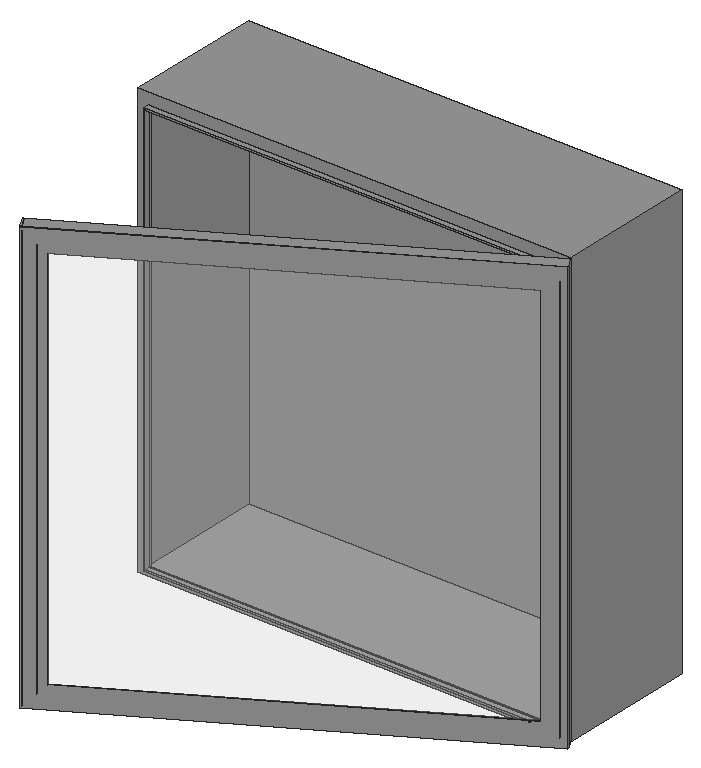
Revit family "Hager-Orion_Inox-IP66-D210-Cl.I-Inox_encl-630A-600mm-NoHosted-CH-fr", category Equipement électrique, Revit 2020
Family settings
  Configuration du panneau = Deux colonnes, circuits au sein
  Cote de connecteur circulaire = Utiliser le diamètre
  Type d'élément = Tableau de raccordement
  Basée sur le plan de construction = Oui
  Toujours verticalement = Oui
  Couper avec des vides une fois chargée = Non
  Partagée = Non
  Point de calcul de pièce = Non
Parameters (values of type "saillie IP66 L600 H600 P210  - FL028TWL")
  Width Control [instance] = if([EF000008 - largeur] > Min Width, [EF000008 - largeur], Min Width)  # 600 mm
  Commentaires du type = [HG000003 - Gamme]  # "Orion Inox"
  Thickness Door [instance] = if([EF009171 - épaisseur de matériau de la porte/du couvercle] > 3 mm, 3 mm, [EF009171 - épaisseur de matériau de la porte/du couvercle])  # 1.5 mm
  Seal Frame Offset [instance] = 17 mm  # constant formula
  Min Width [instance] = 100 mm  # constant formula
  Min Depth [instance] = (2 * [EF009170 - épaisseur de matériau du boîtier]) + 1 mm  # 4 mm
  Min Height [instance] = 100 mm  # constant formula
  Internal Frame Depth [instance] = -(Door System Depth * 0.5)  # -9 mm
  Panel Name [instance] = ""  # (empty or 0)
  Model = ""
  HG000027 - Hauteur du socle = 0 mm
  HG000026 - Installation au sol = no
  HG000024 - Hauteur de la section basse = 600 mm
  HG000023 - Armoire double section = no
  HG000016 - Visibilité de la porte 3D [instance] = yes
  HG000015 - Visibilité de l'emprise de la porte [instance] = no
  HG000014 - Porte à droite [instance] = yes
  HG000013 - Porte à gauche [instance] = not([HG000014 - Porte à droite])  # no
  HG000012 - Angle de pivotement de la porte [instance] = 30.00°
  HG000010 - Portes asymétriques = no
  HG000009 - Porte à double battant = no
  HG000006 - Encastré = no
  HG000004 - Référence fabricant = "FL028TWL"
  HG000003 - Gamme = "Orion Inox"
  HG000002 - avec porte = yes
  Frame Offset Bottom [instance] = 10 mm  # constant formula
  Frame Offset [instance] = 15 mm  # constant formula
  EF015940 - couvercle avec décharge de pression = no
  EF011959 - degré de protection (NEMA) = ""
  EF009554 - nombre d'ouvertures pour plaques à bride = 0
  EF009212 - finition du couvercle = "EV000116 - fermé"
  EF009171 - épaisseur de matériau de la porte/du couvercle = 1.5 mm
  EF009170 - épaisseur de matériau du boîtier = 1.5 mm
  EF008873 - courant nominal (In) = 630 A
  EF007800 - adapté à un parafoudre = no
  EF006306 - avec serrure = yes
  EF006244 - couvercle/porte transparent(e) = yes
  EF005474 - indice de protection (IP) = "EV006422 - IP66"
  EF004464 - type de porte = "EV002646 - unique"
  EF004427 - nombre de modules = 0
  EF004293 - indice de protection contre les chocs (IK) = "EV006814 - IK08"
  EF003532 - convient pour utilisation à l’extérieur = yes
  EF002950 - largeur en nombre de modules = 0
  EF001613 - maintien de fonction = "EV000494 - sans"
  EF001596 - matériau du boîtier/corps = "EV000166 - acier inoxydable"
  EF001131 - profondeur intérieure = 176 mm
  EF001088 - possibilité de montage en saillie = yes
  EF000437 - nombre d'entrées de conduit = 0
  EF000339 - type de capot = "EV004216 - porte"
  EF000266 - nombre de rangées = 0
  EF000218 - profondeur d'encastrement = 0 mm
  EF000118 - avec cadre/support de montage = no
  EF000116 - numéro RAL = ""
  EF000049 - profondeur = 210 mm
  EF000040 - hauteur = 600 mm
  EF000008 - largeur = 600 mm
  EF000007 - couleur = "EV000154 - autre"
  EF000003 - mode de pose = "EV000384 - saillie"
  Door System Leaf Tolerance [instance] = 1.5 mm  # constant formula
  Door System Depth [instance] = 18 mm  # constant formula
  Description = ""
  Default Elevation = 1219.2 mm
  Connector Offset [instance] = Height Control / 2  # 300 mm
  Fabricant = "Hager"  # constant formula
  Height Control [instance] = if([EF000040 - hauteur] > Min Height, [EF000040 - hauteur], Min Height)  # 600 mm
  Depth Control [instance] = if([EF000049 - profondeur] > Min Depth, [EF000049 - profondeur], Min Depth)  # 210 mm
Types (12, lengths in mm): name | Width Control | HG000004 - Référence fabricant | EF009212 - finition du couvercle | EF006306 - avec serrure | EF006244 - couvercle/porte transparent(e) | EF004293 - indice de protection contre les chocs (IK) | EF001613 - maintien de fonction | EF000008 - largeur
  saillie IP66 L400 H600 P210  - FL025BWL | 400 | "FL025BWL" | "EV009916 - avec échancrure" | no | no | "EV008784 - IK10" | "" | 400
  saillie IP66 L400 H600 P210  - FL025TW | 400 | "FL025TW" | "EV000116 - fermé" | yes | yes | "EV006814 - IK08" | "EV000494 - sans" | 400
  saillie IP66 L400 H600 P210  - FL025TWL | 400 | "FL025TWL" | "EV000116 - fermé" | yes | yes | "EV006814 - IK08" | "EV000494 - sans" | 400
  saillie IP66 L500 H600 P210  - FL027BW | 500 | "FL027BW" | "EV000116 - fermé" | yes | no | "EV008784 - IK10" | "EV000494 - sans" | 500
  saillie IP66 L500 H600 P210  - FL027BWL | 500 | "FL027BWL" | "EV000116 - fermé" | yes | no | "EV008784 - IK10" | "EV000494 - sans" | 500
  saillie IP66 L500 H600 P210  - FL027TW | 500 | "FL027TW" | "EV000116 - fermé" | yes | yes | "EV006814 - IK08" | "EV000494 - sans" | 500
  saillie IP66 L500 H600 P210  - FL027TWL | 500 | "FL027TWL" | "EV000116 - fermé" | yes | yes | "EV006814 - IK08" | "EV000494 - sans" | 500
  saillie IP66 L600 H600 P210  - FL025BW | 600 | "FL025BW" | "EV009916 - avec échancrure" | no | no | "EV008784 - IK10" | "" | 600
  saillie IP66 L600 H600 P210  - FL028BW | 600 | "FL028BW" | "EV000116 - fermé" | yes | no | "EV008784 - IK10" | "EV000494 - sans" | 600
  saillie IP66 L600 H600 P210  - FL028BWL | 600 | "FL028BWL" | "EV000116 - fermé" | yes | no | "EV008784 - IK10" | "EV000494 - sans" | 600
  saillie IP66 L600 H600 P210  - FL028TW | 600 | "FL028TW" | "EV000116 - fermé" | yes | yes | "EV006814 - IK08" | "EV000494 - sans" | 600
  saillie IP66 L600 H600 P210  - FL028TWL | 600 | "FL028TWL" | "EV000116 - fermé" | yes | yes | "EV006814 - IK08" | "EV000494 - sans" | 600
Reference planes
  plane 1 "Center (Front/Back)": y = 0
  plane 2: z = 0
  plane 3 "Center (Left/Right)": x = 0
  plane 4: y = 0
  plane 5: y = 0
  plane 6: z = 0
  plane 7: x = -300
  plane 8: x = 300
  plane 9: x = 298.5
  plane 10: x = -298.5
  plane 11: z = 0
  plane 12: z = 1.5
  plane 13: y = -210
  plane 14: y = -1.5
  plane 15: x = 0
  plane 16: y = -192
  plane 17: y = -208.5
  plane 18: y = -190.5
  plane 19: x = -283.5
  plane 20: x = 283.5
  plane 21: z = 11.5
  plane 22: x = -283
  plane 23: x = 283
  plane 24: z = 0
  plane 25: z = 600
  plane 26: z = 600
  plane 27: z = 583.5
  plane 28: z = 598.5
Forms (mm)
  Extrusion 1, solid, material "Hager_Stainless_Steel", detail levels medium+fine
    sketch origin (-208.679, -4572, 0) x (-1, 0, 0) y (0, -1, 0)
      loop
        line (91.321, -4380) -> (-508.679, -4380) -> (-508.679, -4572) -> (91.321, -4572) -> (91.321, -4380)
    from 0 to 600
  Extrusion 2, void
    sketch origin (-350.771, -210, 1219.2) x (1, 0, 0) y (0, 0, 1)
      loop
        line (52.271, -620.7) -> (52.271, -1217.7) -> (649.271, -1217.7) -> (649.271, -620.7) -> (52.271, -620.7)
    from -19.5 to -208.5
  Extrusion 3, void
    sketch origin (-290.084, -192, 1219.2) x (1, 0, 0) y (0, 0, 1)
      loop
        line (6.584, -1207.7) -> (573.584, -1207.7) -> (573.584, -635.7) -> (6.584, -635.7) -> (6.584, -1207.7)
    from 0 to -1.5
  Extrusion 4, solid, material "Hager_Stainless_Steel", detail levels fine
    sketch origin (-290.084, -192, 1219.2) x (-1, 0, 0) y (0, 0, 1)
      loop
        line (-573.584, -1207.7) -> (-6.584, -1207.7) -> (-6.584, -635.7) -> (-573.584, -635.7) -> (-573.584, -1207.7)
      loop
        line (-575.084, -1209.2) -> (-5.084, -1209.2) -> (-5.084, -634.2) -> (-575.084, -634.2) -> (-575.084, -1209.2)
    from 0 to -9 <- "Internal Frame Depth"
  Extrusion 5, solid, material "Hager_Stainless_Steel", detail levels coarse
    sketch origin (0, 0, 0) x (1, 0, 0) y (0, 1, 0)
      loop
        line (-300, 0) -> (-300, -210) -> (300, -210) -> (300, 0) -> (-300, 0)
    from 0 to 600 <- "Height Control"
Cuts and joins
  Extrusion 2, Extrusion 3 cuts Extrusion 1
Lines and regions (mm)
  Masking region 1
    outline origin (0, 0, 0) x (1, 0, 0) y (0, 1, 0)
      loop
        line (-300, 0) -> (-300, -210) -> (300, -210) -> (300, 0) -> (-300, 0)
  Masking region 2
    outline origin (-290.084, -192, 1219.2) x (-1, 0, 0) y (0, 0, 1)
      loop
        line (-590.084, -1219.2) -> (9.916, -1219.2) -> (9.916, -619.2) -> (-590.084, -619.2) -> (-590.084, -1219.2)
  Masking region 3, detail levels coarse
    outline origin (0, 0, 0) x (0, 1, 0) y (0, 0, 1)
      loop
        line (0, 0) -> (0, 600) -> (-210, 600) -> (-210, 0) -> (0, 0)
  Masking region 4, detail levels medium+fine
    outline origin (0, 0, 594.038) x (0, 1, 0) y (0, 0, 1)
      loop
        line (0, -594.038) -> (0, 5.962) -> (-192, 5.962) -> (-192, -594.038) -> (0, -594.038)
Dimensions and locks
  locked: plane 1 "Center (Front/Back)" to plane 5
  "EF009170 - épaisseur de matériau du boîtier": plane 7 to plane 10
  "EF009170 - épaisseur de matériau du boîtier": plane 8 to plane 9
  equal spacing: plane 7, plane 3 "Center (Left/Right)", plane 8
  "Width Control": plane 7 to plane 8
  "Depth Control": plane 4 to plane 13
  "EF009170 - épaisseur de matériau du boîtier": plane 4 to plane 14
  "Height Control": plane 25 to level
  "EF009170 - épaisseur de matériau du boîtier": plane 12 to plane 11
  "EF009170 - épaisseur de matériau du boîtier": plane 17 to plane 13
  "EF009170 - épaisseur de matériau du boîtier": plane 18 to plane 16
  "Frame Offset Bottom": plane 21 to plane 12
  "Frame Offset": plane 10 to plane 19
  "Frame Offset": plane 9 to plane 20
  "Door System Depth": plane 16 to plane 13
  "Seal Frame Offset": plane 7 to plane 22
  "Seal Frame Offset": plane 8 to plane 23
  "EF009170 - épaisseur de matériau du boîtier": plane 26 to plane 28
  "Frame Offset": plane 28 to plane 27
  "Connector Offset": plane 2 to connector elem
  "Thickness Door": cut or joined group of Extrusion 1, Extrusion 2, Extrusion 3 to Extrusion 4 sketch curve
  "Thickness Door": Extrusion 4 sketch curve to plane 19
  "Thickness Door": Extrusion 4 sketch curve to plane 20
  "Thickness Door": Extrusion 4 sketch curve to plane 27
  aligned and locked: Extrusion 2 sketch curve to plane 12
  aligned and locked: Extrusion 2 sketch curve to plane 9
  aligned and locked: Extrusion 2 sketch curve to plane 10
  aligned and locked: plane 14 to Extrusion 2
  aligned and locked: plane 4 to Extrusion 1 sketch curve
  aligned and locked: plane 8 to Extrusion 1 sketch curve
  aligned and locked: plane 7 to Extrusion 1 sketch curve
  aligned and locked: Extrusion 2 to plane 18
  aligned and locked: Extrusion 3 sketch curve to plane 19
  aligned and locked: plane 20 to Extrusion 3 sketch curve
  aligned and locked: Extrusion 3 to Extrusion 2
  aligned and locked: Extrusion 3 sketch curve to plane 21
  aligned and locked: plane 3 "Center (Left/Right)" to nested 1
  aligned and locked: Extrusion 1 sketch curve to plane 16
  aligned and locked: Masking region 1 sketch curve to plane 7
  aligned and locked: Masking region 1 sketch curve to plane 5
  aligned and locked: Masking region 1 sketch curve to plane 8
  aligned and locked: Masking region 2 sketch curve to level
  aligned and locked: level to Masking region 3 sketch curve
  aligned and locked: plane 1 "Center (Front/Back)" to Masking region 3 sketch curve
  aligned and locked: plane 13 to Masking region 3 sketch curve
  aligned and locked: Masking region 2 sketch curve to plane 8
  aligned and locked: Masking region 2 sketch curve to plane 7
  aligned and locked: plane 7 to nested 2
  aligned and locked: nested 2 to plane 5
  aligned and locked: plane 5 to Masking region 4 sketch curve
  aligned and locked: plane 26 to Masking region 4 sketch curve
  aligned and locked: Extrusion 5 sketch curve to plane 8
  aligned and locked: Extrusion 5 sketch curve to plane 7
  aligned and locked: Extrusion 5 sketch curve to plane 5
  aligned and locked: Extrusion 3 sketch curve to plane 27
  aligned and locked: Extrusion 2 sketch curve to plane 28
  aligned and locked: Extrusion 4 sketch curve to plane 27
  aligned and locked: Extrusion 4 sketch curve to plane 20
  aligned and locked: Extrusion 4 sketch curve to plane 21
  aligned and locked: Extrusion 4 sketch curve to plane 19
  aligned and locked: Masking region 2 to plane 25
  aligned and locked: Masking region 4 sketch curve to plane 24
  aligned and locked: Masking region 1 to plane 13
  aligned and locked: nested 1 to plane 16
  aligned and locked: Masking region 3 to plane 25
  aligned and locked: Masking region 4 sketch curve to plane 16
  aligned and locked: plane 24 to plane 11
  aligned and locked: plane 26 to plane 25
  aligned and locked: level to plane 24
  aligned and locked: Extrusion 1 to Masking region 3
  aligned and locked: level to nested 1
Automatic sketch dimensions
  Extrusion 5 sketch curve to plane 13 = 0 mm
  plane 27 to Masking region 2 sketch curve = 16.5 mm
  plane 27 to Masking region 3 sketch curve = 16.5 mm
  Masking region 1 sketch curve to plane 13 = 0 mm
  Extrusion 3 sketch curve to plane 21 = 0 mm
  plane 19 to Extrusion 3 sketch curve = 0 mm
  Extrusion 3 sketch curve to plane 20 = 0 mm
Nested families
  nested 1: "EC000058_OrionInox_Door" at (0, -192, 0), Double <- "HG000009 - Porte à double battant", Transparent <- "EF006244 - couvercle/porte transparent(e)", Angle <- "HG000012 - Angle de pivotement de la porte", Door_Right <- "HG000014 - Porte à droite", Assymetrical <- "HG000010 - Portes asymétriques", Door <- "HG000002 - avec porte", Width_Ctrl <- "Width Control", 3d_Door <- "HG000016 - Visibilité de la porte 3D", Clearance <- "HG000015 - Visibilité de l'emprise de la porte", Door_Left <- "HG000013 - Porte à gauche", Width <- "Width Control", Door_Depth <- "Door System Depth", Leaf_Tolerance <- "Door System Leaf Tolerance", Height <- "Height Control", Thickness <- "Thickness Door", type "EC000058_OrionInox_Door", detail levels medium+fine
    with min_wh 4 mm, Width_Ctrl 600 mm, Width 600 mm, Transparent yes, Thickness 1.5 mm, Seal_Material Hager_Rubber, Leaf_Width 600 mm, Leaf_Tolerance_External_Sides 0 mm, Leaf_Tolerance 1.5 mm, Leaf_Offset 0 mm, Leaf_Height 597 mm, Leaf_2_Width 600 mm, Leaf_2_Offset 300 mm, Leaf_1_Width 600 mm, Leaf_1_Offset 300 mm, Height_Ctrl 600 mm, Height 600 mm, Glass_Material Hager_Glass, Double_Clearance_Ctrl no, Double no, Door_Right_Ctrl yes, Door_Right yes, Door_Material Hager_Stainless_Steel, Door_Left_Ctrl no, Door_Left no, Door_Depth 18 mm, Door yes, Clearance_Material Hager_Clearance, Clearance_Depth 600 mm, Clearance_Ctrl no, Clearance no, Assymetrical no, Angle 30.00°, 3d_Door yes
  nested 2: "Hager_Enclosure_Symbol" at (-300, 0, 0), Height <- "Depth Control", Width <- "Width Control", type "Hager_Enclosure_Symbol"
    with Width_Ctrl 600 mm, Width 600 mm, Height_Ctrl 210 mm, Height 210 mm, A_Width_Int 13.781 mm, A_Width 165.375 mm, A_Height_Ctrl 183.75 mm, A_Height 183.75 mm
Connectors
  electrical at (0, 0, 300)
    settings: on plane 1 "Center (Front/Back)", index 1, voltage 0 V, apparent load 0 VA, apparent load phase1 0 VA, apparent load phase2 0 VA, apparent load phase3 0 VA, power factor 1, load classification "Other", number of poles 1, system type 30, power factor state 1, is connector primary yes, connector utility no, sub classification motor no, connector description ""
Definition of nested family "EC000058_OrionInox_Door"
  Parameters (values of type "EC000058_OrionInox_Door")
    min_wh [instance] = (2 * Thickness) + 1 mm  # 11 mm
    Width_Ctrl [instance] = 400 mm
    Width [instance] = 500 mm
    Transparent [instance] = yes
    Thickness [instance] = 5 mm
    Seal_Material [instance] = none
    Leaf_Width [instance] = if((Width_Ctrl - 2 * Leaf_Tolerance_External_Sides) > 0 mm, (Width_Ctrl - 2 * Leaf_Tolerance_External_Sides), min_wh)  # 400 mm
    Leaf_Tolerance_External_Sides [instance] = 0 mm  # constant formula
    Leaf_Tolerance [instance] = 1.5 mm
    Leaf_Offset [instance] = 0 mm  # constant formula
    Leaf_Height [instance] = if((Height_Ctrl - 2 * Leaf_Tolerance) > 0 mm, (Height_Ctrl - 2 * Leaf_Tolerance), min_wh)  # 497 mm
    Leaf_2_Width [instance] = if(and(and(Double, Assymetrical), Door_Left), (Leaf_Width / 3) - (Leaf_Tolerance / 2), if(and(and(Double, Assymetrical), Door_Right), (Leaf_Width / 3) * 2 - (Leaf_Tolerance / 2), if(and(Double, not(Assymetrical)), (Leaf_Width / 2) - Leaf_Tolerance, Leaf_Width)))  # 400 mm
    Leaf_2_Offset [instance] = if(and(Double, Assymetrical), Leaf_2_Width / 2, if(and(Double, not(Assymetrical)), Leaf_Width / 4, Leaf_Width / 2))  # 200 mm
    Leaf_1_Width [instance] = if(and(and(Double, Assymetrical), Door_Right), (Leaf_Width / 3) - (Leaf_Tolerance / 2), if(and(and(Double, Assymetrical), Door_Left), (Width / 3) * 2 - (Leaf_Tolerance / 2), if(and(Double, not(Assymetrical)), (Leaf_Width / 2) - Leaf_Tolerance, Leaf_Width)))  # 400 mm
    Leaf_1_Offset [instance] = if(and(Double, Assymetrical), Leaf_1_Width / 2, if(and(Double, not(Assymetrical)), Leaf_Width / 4, Leaf_Width / 2))  # 200 mm
    Height_Ctrl [instance] = if(Height > min_wh, Height, min_wh)  # 500 mm
    Height [instance] = 500 mm
    Glass_Material [instance] = none
    Double_Clearance_Ctrl [instance] = and(Double, Clearance)  # no
    Double [instance] = no
    Door_Right_Ctrl [instance] = and(or(Door_Right, Double), Door)  # yes
    Door_Right [instance] = yes
    Door_Material [instance] = none
    Door_Left_Ctrl [instance] = and(or(Door_Left, Double), Door)  # no
    Door_Left [instance] = no
    Door_Depth [instance] = 30 mm
    Door [instance] = yes
    Default Elevation = 1219.2 mm
    Clearance_Material [instance] = none
    Clearance_Depth [instance] = if(Leaf_1_Width > Leaf_2_Width, Leaf_1_Width, Leaf_2_Width)  # 400 mm
    Clearance_Ctrl [instance] = and(not(Double), Clearance)  # yes
    Clearance [instance] = yes
    Assymetrical [instance] = yes
    Angle [instance] = 30.00°
    3d_Door [instance] = yes
  Reference planes
    plane 1 "Center (Front/Back)": y = 0
    plane 2 "Bottom": z = 0
    plane 3 "Center (Left/Right)": x = 0
    plane 4: z = 500
    plane 5: x = -200
    plane 6: x = 200
    plane 7: z = 500
    plane 8: x = -200
    plane 9: z = 0
    plane 10: x = 200
    plane 11: y = 0
    plane 12: z = 1.5
    plane 13: x = -600
    plane 14: y = -400
    plane 15: x = 600
    plane 16: x = 0
    plane 17: x = 0
    plane 18: x = -200
    plane 19: x = 200
    plane 20: z = 498.5
  Forms (mm)
    Extrusion 1, solid, material <- "Clearance_Material", visible <- "Double_Clearance_Ctrl"
      sketch origin (1200, 0, 0) x (1, 0, 0) y (0, 0, -1)
        loop
          line (-1800, -498.5) -> (-600, -498.5) -> (-600, 0) -> (-1800, 0) -> (-1800, -498.5)
      from 0 to -400
  Dimensions and locks
    equal spacing: plane 5, plane 3 "Center (Left/Right)", plane 6
    "Width_Ctrl": plane 5 to plane 6
    "Leaf_Offset": plane 5 to plane 8
    "Leaf_Offset": plane 6 to plane 10
    "Leaf_Offset": plane 9 to level
    "Leaf_Offset": plane 4 to plane 7
    "Height_Ctrl": plane 4 to level
    "Leaf_Tolerance": plane 12 to plane 9
    locked: plane 11 to plane 1 "Center (Front/Back)"
    "Leaf_1_Offset": plane 18 to plane 16
    "Leaf_2_Offset": plane 17 to plane 19
    "Leaf_1_Width": plane 13 to plane 8
    "Leaf_2_Width": plane 10 to plane 15
    "Clearance_Depth": plane 14 to plane 1 "Center (Front/Back)"
    "Leaf_Tolerance_External_Sides": plane 8 to plane 18
    "Leaf_Tolerance_External_Sides": plane 19 to plane 10
    "Leaf_Tolerance": plane 7 to plane 20
    aligned and locked: level to plane 2 "Bottom"
    aligned and locked: nested 1 to plane 16
    aligned and locked: nested 2 to plane 17
    aligned and locked: Extrusion 1 to plane 13
    aligned and locked: plane 15 to Extrusion 1
    aligned and locked: Extrusion 1 to plane 14
    aligned and locked: plane 12 to nested 1
    aligned and locked: nested 2 to plane 12
    aligned and locked: Extrusion 1 to plane 11
    aligned and locked: plane 20 to Extrusion 1
    aligned and locked: nested 2 to plane 11
    aligned and locked: nested 1 to plane 11
  Automatic sketch dimensions
    Extrusion 1 sketch curve to level = 0 mm
    plane 5 to Extrusion 1 sketch curve = 400 mm
    plane 6 to Extrusion 1 sketch curve = 400 mm
    Extrusion 1 sketch curve to plane 4 = 1.5 mm
  Nested families
    nested 1: "EC000058_OrionInox_Door_Leaf" at (0, 0, 1.5), Width <- "Leaf_1_Width", visible <- "Door_Left_Ctrl", Leaf_Height <- "Leaf_Height", Angle <- "Angle", 3d_Door <- "3d_Door", Transparent <- "Transparent", Clearance Material <- "Clearance_Material", Clearance <- "Clearance_Ctrl", Door_Material <- "Door_Material", Glass_Material <- "Glass_Material", Door_Depth <- "Door_Depth", Seal_Material <- "Seal_Material", Thickness <- "Thickness", type "EC000058_OrionInox_Door_Leaf"
      with Width 400 mm, Transparent_Ctrl yes, Transparent yes, Thickness 5 mm, Standard no, Seal_Material none, Seal_D2 8 mm, Seal_D1 1 mm, Offset_Internal_Frame 10 mm, Lock_Width 28 mm, Lock_Thickness 2 mm, Lock_Radius 6 mm, Leaf_Height 497 mm, Internal_Seal_Thickness 8 mm, Internal_Seal_Depth_2 4.5 mm, Internal_Frame_Depth 25 mm, Glass_Thickness -1 mm, Glass_Offset -2 mm, Glass_Material none, Door_Material none, Door_Depth 30 mm, Clearance Material none, Clearance yes, Angle_Ctrl 30.00°, Angle 30.00°, 3d_Door yes
    nested 2: "EC000058_OrionInox_Door_Leaf" at (0, 0, 1.5) x (-1, 0, 0) z (0, 0, 1), Width <- "Leaf_2_Width", visible <- "Door_Right_Ctrl", Leaf_Height <- "Leaf_Height", Angle <- "Angle", 3d_Door <- "3d_Door", Transparent <- "Transparent", Clearance Material <- "Clearance_Material", Clearance <- "Clearance_Ctrl", Door_Material <- "Door_Material", Glass_Material <- "Glass_Material", Door_Depth <- "Door_Depth", Seal_Material <- "Seal_Material", Thickness <- "Thickness", type "EC000058_OrionInox_Door_Leaf"
      with Width 400 mm, Transparent_Ctrl yes, Transparent yes, Thickness 5 mm, Standard no, Seal_Material none, Seal_D2 8 mm, Seal_D1 1 mm, Offset_Internal_Frame 10 mm, Lock_Width 28 mm, Lock_Thickness 2 mm, Lock_Radius 6 mm, Leaf_Height 497 mm, Internal_Seal_Thickness 8 mm, Internal_Seal_Depth_2 4.5 mm, Internal_Frame_Depth 25 mm, Glass_Thickness -1 mm, Glass_Offset -2 mm, Glass_Material none, Door_Material none, Door_Depth 30 mm, Clearance Material none, Clearance yes, Angle_Ctrl 30.00°, Angle 30.00°, 3d_Door yes
  Definition of nested family "EC000058_OrionInox_Door_Leaf"
    Parameters (values of type "EC000058_OrionInox_Door_Leaf")
      Width [instance] = 450 mm
      Transparent_Ctrl [instance] = and(Transparent, [3d_Door])  # yes
      Transparent [instance] = yes
      Thickness [instance] = 5 mm
      Standard [instance] = and(not(Transparent), [3d_Door])  # no
      Seal_Material [instance] = none
      Seal_D2 [instance] = 8 mm  # constant formula
      Seal_D1 [instance] = 1 mm  # constant formula
      Offset_Internal_Frame [instance] = 10 mm  # constant formula
      Lock_Width [instance] = Door_Depth - Lock_Thickness  # 28 mm
      Lock_Thickness [instance] = 2 mm  # constant formula
      Lock_Radius [instance] = 6 mm  # constant formula
      Leaf_Height [instance] = 450 mm
      Internal_Seal_Thickness [instance] = 8 mm  # constant formula
      Internal_Seal_Depth_2 [instance] = 4.5 mm  # constant formula
      Internal_Frame_Depth [instance] = if(Door_Depth - Thickness > 5 mm, Door_Depth - Thickness, 5 mm)  # 25 mm
      Glass_Thickness [instance] = if(Thickness > 15 mm, Glass_Offset + 10 mm, -1 mm)  # -1 mm
      Glass_Offset [instance] = if(Thickness > 15 mm, -(Thickness + 10 mm) / 2, -2 mm)  # -2 mm
      Glass_Material [instance] = none
      Door_Material [instance] = none
      Door_Depth [instance] = 30 mm
      Default Elevation = 0 mm
      Clearance Material [instance] = none
      Clearance [instance] = yes
      Angle_Ctrl [instance] = if(Angle > 180.00°, 180.00°, Angle)  # 90.00°
      Angle [instance] = 90.00°
      3d_Door [instance] = yes
    Reference planes
      plane 1 "Center (Front/Back)": y = 0
      plane 2: z = 0
      plane 3 "Center (Left/Right)": x = 0
      plane 4: y = 450
      plane 5: x = -225
      plane 6: x = 225
      plane 7: x = -675
      plane 8: z = 450
      plane 9: z = 30
      plane 10: z = 420
      plane 11: x = 195
      plane 12: x = -195
      plane 13: y = -3
      plane 14: z = 107.833
      plane 15: y = -5
      plane 16: y = -223.314
      plane 17: x = -225
      plane 18: y = 30
    Forms (mm)
      Extrusion 1, solid, material <- "Clearance Material", visible <- "Clearance"
        sketch origin (0, 0, 0) x (1, 0, 0) y (0, 0, 1)
          loop
            line (-675, 450) -> (-675, 0) -> (225, 0) -> (225, 450) -> (-675, 450)
        from 0 to -450
      Extrusion 2, solid, material <- "Door_Material", visible <- "Standard", detail levels medium+fine
        sketch origin (-225, 0, 0) x (0, 1, 0) y (-1, 0, 0)
          loop
            line (0, 30) -> (0, 25) -> (450, 25) -> (450, 30) -> (0, 30)
        from 0 to 450 <- "Leaf_Height"
      Extrusion 3, solid, material <- "Door_Material", visible <- "Transparent_Ctrl", detail levels medium+fine
        sketch origin (-225, 0, 0) x (0, 1, 0) y (-1, 0, 0)
          loop
            line (0, 25) -> (450, 25) -> (450, 30) -> (0, 30) -> (0, 25)
        from 0 to 450 <- "Leaf_Height"
      Extrusion 4, void
        sketch origin (-250, 450, 0) x (0, 1, 0) y (0, 0, -1)
          loop
            line (-30, -420) -> (-30, -30) -> (-420, -30) -> (-420, -420) -> (-30, -420)
        from 0 to 5 <- "Thickness"
      Sweep 5, solid, material <- "Seal_Material", visible <- "Transparent_Ctrl", detail levels fine
        path in 3D
          loop
            line (-250, 30, 30) -> (-250, 30, 420) -> (-250, 420, 420) -> (-250, 420, 30) -> (-250, 30, 30)
        profile origin (-250, 225, 30) x (1, 0, 0) y (0, 0, 1)
          loop
            line (0, 0) -> (0, -8) -> (1, -8) -> (1, 0) -> (0, 0)
      Extrusion 6, solid, material <- "Glass_Material", visible <- "Transparent_Ctrl", detail levels medium+fine
        sketch origin (-255, 0, 0) x (0, 1, 0) y (0, 0, -1)
          loop
            line (420, -420) -> (420, -30) -> (30, -30) -> (30, -420) -> (420, -420)
        from -2 <- "Glass_Offset" to -1 <- "Glass_Thickness"
      Extrusion 7, solid, material <- "Door_Material", visible <- "3d_Door", detail levels medium+fine
        sketch origin (-250, 450, 0) x (0, -1, 0) y (0, 0, -1)
          loop
            line (0, -450) -> (450, -450) -> (450, 0) -> (0, 0) -> (0, -450)
          loop
            line (445, -5) -> (5, -5) -> (5, -445) -> (445, -445) -> (445, -5)
        from 0 to 25 <- "Internal_Frame_Depth"
      Sweep 8, solid, material <- "Seal_Material", visible <- "Transparent_Ctrl", detail levels fine
        path in 3D
          loop
            line (-250, 0, 0) -> (-250, 450, 0) -> (-250, 450, 450) -> (-250, 0, 450) -> (-250, 0, 0)
        profile origin (-250, 0, 225) x (1, 0, 0) y (0, 1, 0)
          loop
            line (0, 10) -> (2.975, 10)
            arc (2.975, 10) -> (4.053, 10.447) -> (4.5, 11.525) r 1.525
            line (4.5, 11.525) -> (4.5, 16.527)
            arc (4.5, 16.527) -> (4.069, 17.569) -> (3.027, 18) r 1.473
            line (3.027, 18) -> (0, 18) -> (0, 10)
    Cuts and joins
      Extrusion 4 cuts Extrusion 3
    Lines and regions (mm)
      Masking region 1, detail levels medium+fine
        outline origin (0, 0, 0) x (0, 1, 0) y (0, 0, 1)
          loop
            line (0, 0) -> (30, 0) -> (30, 450) -> (0, 450) -> (0, 0)
      Masking region 2, detail levels medium+fine
        outline origin (0, 0, 0) x (1, 0, 0) y (0, 0, 1)
          loop
            line (-225, 450) -> (-225, 0) -> (225, 0) -> (225, 450) -> (-225, 450)
      symbolic lines
        curve 1: line (225, 0, 0) -> (-675, 0, 0)
        curve 2: arc (225, 0, 0) -> (-225, 450, 0) -> (-675, 0, 0) r 450
        curve 4: line (-255, 0, 0) -> (-255, 450, 0)
      reference lines
        curve 3: line (-225, 0, 0) -> (-225, 450, 0)
      symbolic lines, detail levels medium+fine
        curve 5: line (-255, 450, 0) -> (-250, 450, 0)
        curve 7: line (-250, 0, 0) -> (-255, 0, 0)
        curve 8: line (-250, 0, 0) -> (-225, 0, 0)
        curve 9: line (-225, 0, 0) -> (-225, 450, 0)
        curve 10: line (-225, 450, 0) -> (-250, 450, 0)
      symbolic lines, detail levels fine
        curve 6: line (-250, 450, 0) -> (-250, 0, 0)
      sketch lines
        curve 11: line (-250, 0, 450) -> (-250, 0, 0)
        curve 12: line (-250, 450, 0) -> (-250, 0, 0)
        curve 13: line (-250, 450, 450) -> (-250, 450, 0)
        curve 14: line (-250, 0, 450) -> (-250, 450, 450)
        curve 15: line (-250, 420, 30) -> (-250, 30, 30)
        curve 16: line (-250, 30, 30) -> (-250, 30, 420)
        curve 17: line (-250, 420, 420) -> (-250, 420, 30)
        curve 18: line (-250, 30, 420) -> (-250, 420, 420)
      symbolic lines, visible <- "Transparent", detail levels medium+fine
        curve 19: line (-195, 0, 420) -> (195, 0, 420)
        curve 20: line (-195, 0, 30) -> (-195, 0, 420)
        curve 21: line (195, 0, 30) -> (-195, 0, 30)
        curve 22: line (195, 0, 420) -> (195, 0, 30)
    Dimensions and locks
      "Width": plane 1 "Center (Front/Back)" to plane 4
      equal spacing: plane 5, plane 3 "Center (Left/Right)", plane 6
      "Width": plane 5 to plane 6
      "Width": plane 7 to plane 5
      "Leaf_Height": plane 8 to level
      "Width": curve 5 to curve 3
      "Width": curve 3 to curve 3
      plane 8 to plane 10 = 30 mm
      plane 9 to level = 30 mm
      plane 12 to plane 5 = 30 mm
      plane 6 to plane 11 = 30 mm
      Extrusion 4 sketch curve to Extrusion 3 = 30 mm
      Extrusion 3 to Extrusion 4 sketch curve = 30 mm
      Extrusion 1 to Extrusion 4 sketch curve = 30 mm
      curve 3 to Extrusion 4 sketch curve = 30 mm
      Extrusion 4 sketch curve to cut or joined group of Extrusion 3, Extrusion 4 = 30 mm
      cut or joined group of Extrusion 3, Extrusion 4 to Extrusion 6 sketch curve = 30 mm
      cut or joined group of Extrusion 3, Extrusion 4 to Extrusion 4 sketch curve = 30 mm
      "Thickness": curve 6 to curve 4
      "Thickness": Extrusion 7 sketch curve to Extrusion 7 sketch curve  (x4)
      "Door_Depth": curve 4 to curve 3
      "Offset_Internal_Frame": profile plane to Sweep 8 sketch curve
      "Internal_Seal_Thickness": Sweep 8 sketch curve to Sweep 8 sketch curve
      "Internal_Seal_Depth_2": profile plane to Sweep 8 sketch curve
      "Seal_D1": profile plane to Sweep 5 sketch curve
      "Seal_D2": profile plane to Sweep 5 sketch curve
      "Thickness": Extrusion 2 sketch curve to Extrusion 2 sketch curve
      "Door_Depth": plane 18 to plane 1 "Center (Front/Back)"
      radius of Sweep 8 sketch curve = 1.525 mm
      radius of Sweep 8 sketch curve = 1.473 mm
      "Angle_Ctrl": angle plane 1 "Center (Front/Back)" to curve 3
      aligned and locked: level to plane 2
      aligned and locked: Extrusion 1 to curve 1
      aligned and locked: plane 6 to Extrusion 1
      aligned and locked: plane 1 "Center (Front/Back)" to Extrusion 1
      aligned and locked: plane 4 to Extrusion 1
      aligned and locked: plane 8 to Extrusion 1
      aligned and locked: curve 7 to Extrusion 2 sketch curve
      aligned and locked: curve 5 to Extrusion 2 sketch curve
      aligned and locked: curve 7 to Extrusion 3 sketch curve
      aligned and locked: Extrusion 3 sketch curve to curve 4
      aligned and locked: Extrusion 3 sketch curve to curve 6
      aligned and locked: Extrusion 3 sketch curve to curve 5
      aligned and locked: curve 9 to curve 3
      aligned and locked: Extrusion 7 sketch curve to cut or joined group of Extrusion 3, Extrusion 4  (x4)
      aligned and locked: plane 17 to curve 3
      aligned and locked: plane 1 "Center (Front/Back)" to curve 3
      aligned and locked: plane 17 to plane 5
      aligned and locked: Sweep 8 sketch curve to profile plane
      aligned and locked: Sweep 5 sketch curve to profile plane  (x2)
      aligned and locked: plane 1 "Center (Front/Back)" to Masking region 1 sketch curve
      aligned and locked: plane 18 to Masking region 1 sketch curve
      aligned and locked: level to Masking region 1 sketch curve
      aligned and locked: Masking region 1 sketch curve to plane 8
      aligned and locked: plane 17 to Masking region 2 sketch curve
      aligned and locked: level to Masking region 2 sketch curve
      aligned and locked: Masking region 2 sketch curve to plane 8
      aligned and locked: plane 12 to curve 20
      aligned and locked: plane 10 to curve 19
      aligned and locked: plane 11 to curve 22
      aligned and locked: plane 9 to curve 21
      aligned and locked: Extrusion 2 sketch curve to cut or joined group of Extrusion 3, Extrusion 4
    Automatic sketch dimensions
      plane 1 "Center (Front/Back)" to curve 2 = 0 mm
      curve 2 to plane 5 = 0 mm
      Extrusion 1 sketch curve to level = 0 mm
      Extrusion 1 sketch curve to plane 7 = 0 mm
      Extrusion 1 sketch curve to plane 6 = 0 mm
      Extrusion 1 sketch curve to plane 8 = 0 mm
      Extrusion 3 to Extrusion 6 sketch curve = 30 mm  (x4)
      Masking region 2 sketch curve to plane 6 = 0 mm
      curve 4 to curve 3 = 0 mm
Definition of nested family "Hager_Enclosure_Symbol"
  Parameters (values of type "Hager_Enclosure_Symbol")
    Width_Ctrl [instance] = if(Width > 1 mm, Width, 1 mm)  # 102.27 mm
    Width [instance] = 102.27 mm
    Height_Ctrl [instance] = if(Height > 1 mm, Height, 1 mm)  # 66.5 mm
    A_Width_Int [instance] = if(A_Width / 12 > 2 mm, A_Width / 12, 2 mm)  # 4.364 mm
    A_Width [instance] = if(A_Height_Ctrl * 0.9 > 2 mm, A_Height_Ctrl * 0.9, 2 mm)  # 52.369 mm
    A_Height_Ctrl [instance] = if(A_Height > 2 mm, A_Height, 2 mm)  # 58.188 mm
    Height [instance] = 66.5 mm
    A_Height [instance] = Height - (Height / 8)  # 58.188 mm
  Reference planes
    plane 1 "Centre (avant/arrière)": y = 0
    plane 2: z = 0
    plane 3 "Centre (gauche/droite)": x = 0
    plane 4: x = 52.369
    plane 5: y = 33.042
    plane 6: y = 41.77
    plane 7: y = 66.5
    plane 8: x = 26.184
    plane 9: y = 37.406
    plane 10: x = 102.27
    plane 11: y = 66.5
    plane 12: y = 8.313
  Lines and regions (mm)
    Filled region 1, type "Solid_Black", in view "Niveau de réf."
      outline origin (0, 0, 0) x (1, 0, 0) y (0, 1, 0)
        loop
          line (52.369, 66.5) -> (33.188, 54.536) -> (45.365, 45.006) -> (52.369, 66.5)
    Filled region 2, type "Solid_Black", in view "Niveau de réf."
      outline origin (0, 0, 0) x (1, 0, 0) y (0, 1, 0)
        loop
          line (0, 0) -> (102.27, 0) -> (102.27, 66.5) -> (0, 0)
    detail lines, in view "Niveau de réf."
      curve 1: line (0, 8.313, 0) -> (26.184, 41.77, 0)
      curve 2: line (26.184, 41.77, 0) -> (26.184, 33.042, 0)
      curve 3: line (26.184, 33.042, 0) -> (52.369, 66.5, 0)
  Dimensions and locks
    "A_Width": plane 3 "Centre (gauche/droite)" to plane 4
    equal spacing: plane 3 "Centre (gauche/droite)", plane 8, plane 4
    equal spacing: plane 6, plane 9, plane 5
    equal spacing: curve 3, Filled region 1 sketch curve, Filled region 1 sketch curve
    "Height_Ctrl": plane 1 "Centre (avant/arrière)" to plane 11
    "A_Height_Ctrl": plane 11 to plane 12
    equal spacing: plane 11, plane 9, plane 12
    "A_Width_Int": plane 6 to plane 9
    "Width_Ctrl": plane 3 "Centre (gauche/droite)" to plane 10
    angle Filled region 1 sketch curve to curve 3 = 20.00°
    angle curve 3 to Filled region 1 sketch curve = 20.00°
    locked: curve 3 to Filled region 1 sketch curve (angle 90.00°)
    aligned and locked: plane 10 to Filled region 2
    aligned and locked: plane 11 to Filled region 2 sketch curve
    aligned and locked: plane 10 to Filled region 2 sketch curve
    aligned and locked: plane 3 "Centre (gauche/droite)" to curve 1
    aligned and locked: plane 12 to curve 1
    aligned and locked: plane 7 to plane 11
  Automatic sketch dimensions
    Filled region 1 sketch curve to plane 4 = 0 mm
    Filled region 1 sketch curve to plane 7 = 0 mm
    plane 1 "Centre (avant/arrière)" to Filled region 2 sketch curve = 0 mm
    Filled region 2 sketch curve to plane 3 "Centre (gauche/droite)" = 0 mm
    curve 2 to plane 6 = 0 mm
    curve 2 to plane 8 = 0 mm
    curve 3 to plane 4 = 0 mm
    curve 2 to plane 5 = 0 mm
    curve 3 to plane 7 = 0 mm
